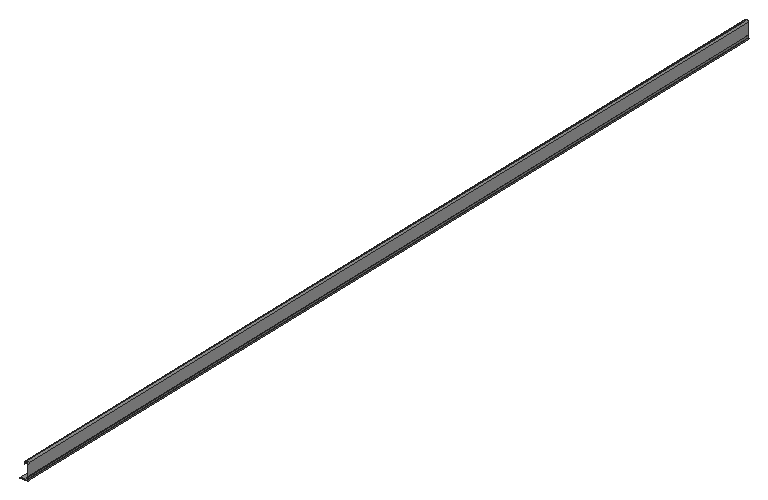
Revit family "Trennsteg -TSG 60 FS,DD,A2,A4,FT SO", category Generic Models, Revit 2017
Family settings
  Can host rebar = No
  Round Connector Dimension = Use Diameter
  Part Type = Normal
  Work Plane-Based = No
  Always vertical = Yes
  Cut with Voids When Loaded = No
  Shared = No
  Room Calculation Point = No
Parameters (values of type "TSG 60 A2")
  URL = "http://www.obo-bettermann.com"
  Material = Stainless steel, A2
  Manufacturer Art.No. = "6062084"
  Manufacturer = "OBO Bettermann"
  Length = 3000 mm
  Height = 56 mm
  GTIN = "4012195694557"
  Article Type = "TSG 60 A2"
Types (6, lengths in mm): name | Material | Manufacturer Art.No. | GTIN | Article Type
  (no name) | Stainless steel, A2 | "6062084" | "4012195694557" | "TSG 60 A2"
  TSG 60 FS | Strip-galvanised | "6062068" | "4012195694540" | "TSG 60 FS"
  TSG 60 DD | Strip galvanised zinc/aluminium, Double Dip | "6062327" | "4012195694687" | "TSG 60 DD"
  TSG 60 FT SO | Hot-dip galvanised 85 µm | "7190495" | "4012195943686" | "TSG 60 FT SO"
  TSG 60 A2 | Stainless steel, A2 | "6062084" | "4012195694557" | "TSG 60 A2"
  TSG 60 A4 | Stainless steel, A4 | "6062086" | "4012195694564" | "TSG 60 A4"
Reference planes
  plane 1 "Center (Front/Back)": y = 0
  plane 2: z = 0
  plane 3 "Center (Left/Right)": x = 0
  plane 4: z = 5.5
  plane 5: x = -3.69
  plane 6: z = 56.002
  plane 7: z = 41
  plane 8: x = -12
  plane 9: x = -0.016
  plane 10: x = -0.747
  plane 11: y = 3000
  plane 12: z = 10.002
  plane 13: y = 150
  plane 14: y = 75
  plane 15: x = -16.304
  plane 16: y = 75
  plane 17: x = -16.304
  plane 18: y = 225
  plane 19: y = 150
  plane 20: x = -16.304
  plane 21: y = 450
  plane 22: x = -16.304
  plane 23: y = 450
  plane 24: y = 225
  plane 25: x = -16.304
  plane 26: y = 75
  plane 27: x = -16.304
  plane 28: y = 375
  plane 29: x = -16.304
  plane 30: y = 450
  plane 31: x = -16.304
  plane 32: y = 525
  plane 33: x = -16.304
  plane 34: y = 675
  plane 35: x = -16.304
  plane 36: y = 750
  plane 37: x = -16.304
  plane 38: y = 825
  plane 39: x = -16.304
  plane 40: y = 975
  plane 41: x = -16.304
  plane 42: y = 1050
  plane 43: x = -16.304
  plane 44: y = 1125
  plane 45: x = -16.304
  plane 46: y = 1275
  plane 47: x = -16.304
  plane 48: y = 1350
  plane 49: x = -16.304
  plane 50: y = 1425
  plane 51: x = -16.304
  plane 52: y = 1575
  plane 53: x = -16.304
  plane 54: y = 1650
  plane 55: x = -16.304
  plane 56: y = 1725
  plane 57: x = -16.304
  plane 58: y = 1875
  plane 59: x = -16.304
  plane 60: y = 1950
  plane 61: x = -16.304
  plane 62: y = 2025
  plane 63: x = -16.304
  plane 64: y = 2175
  plane 65: x = -16.304
  plane 66: y = 2250
  plane 67: x = -16.304
  plane 68: y = 2325
  plane 69: x = -16.304
  plane 70: y = 2475
  plane 71: x = -16.304
  plane 72: y = 2550
  plane 73: x = -16.304
  plane 74: y = 2625
  plane 75: x = -16.304
  plane 76: y = 2775
  plane 77: x = -16.304
  plane 78: y = 2850
  plane 79: x = -16.304
  plane 80: y = 2925
  plane 81: x = -16.304
  plane 82: z = 43.29
  plane 83: z = 32
  plane 84: z = 41.095
  plane 85: z = 40.133
  plane 86: z = 56
  plane 87: z = 47.002
  plane 88: z = 47.002
  plane 89: z = 56.013
  plane 90: z = 55.183
  plane 91: z = 56.013
Forms (mm)
  Extrusion 1, solid, material "Stainless steel, A2" <- "Material"
    sketch origin (0, 0, 0) x (1, 0, 0) y (0, 0, 1)
      loop
        arc (-1.629, 0.802) -> (-0.836, 1.357) -> (-1.087, 2.291) r 0.843
        line (-1.087, 2.291) -> (-3.039, 3.929)
        arc (-3.039, 3.929) -> (-3.638, 4.966) -> (-3.43, 6.145) r 1.75
        line (-3.43, 6.145) -> (-1.028, 10.306)
        arc (-1.028, 10.306) -> (-0.858, 10.716) -> (-0.8, 11.156) r 1.7
        line (-0.8, 11.156) -> (-0.8, 49.999)
        arc (-0.8, 49.999) -> (-6.028, 55.227) -> (-11.256, 49.999) r 5.228
        line (-11.256, 49.999) -> (-11.256, 47.002) -> (-12.056, 47.002) -> (-12.056, 50.012)
        arc (-12.056, 50.012) -> (-6.056, 56.012) -> (-0.056, 50.012) r 6
        line (-0.056, 50.012) -> (-0.056, 10.871)
        arc (-0.056, 10.871) -> (-0.117, 10.405) -> (-0.297, 9.971) r 1.8
        line (-0.297, 9.971) -> (-2.737, 5.745)
        arc (-2.737, 5.745) -> (-2.85, 5.105) -> (-2.525, 4.542) r 0.95
        line (-2.525, 4.542) -> (-0.572, 2.904)
        arc (-0.572, 2.904) -> (-0.085, 1.083) -> (-1.629, 0.002) r 1.643
        line (-1.629, 0.002) -> (-26.304, 0.002) -> (-26.304, 0.8) -> (-1.557, 0.8)
    from -3000 to 0
  Extrusion 2, void
    sketch origin (0, 0, 0) x (1, 0, 0) y (0, 1, 0)
      loop
        arc (-19.804, 57.691) -> (-16.304, 54.191) -> (-12.804, 57.691) r 3.5
        line (-12.804, 57.691) -> (-12.804, 90.691)
        arc (-12.804, 90.691) -> (-16.304, 94.191) -> (-19.804, 90.691) r 3.5
        line (-19.804, 90.691) -> (-19.804, 57.691)
    from 0 to 0.8
  Extrusion 3, void
    sketch origin (0, 75, 0) x (1, 0, 0) y (0, 1, 0)
      loop
        arc (-19.804, 57.691) -> (-16.304, 54.191) -> (-12.804, 57.691) r 3.5
        line (-12.804, 57.691) -> (-12.804, 90.691)
        arc (-12.804, 90.691) -> (-16.304, 94.191) -> (-19.804, 90.691) r 3.5
        line (-19.804, 90.691) -> (-19.804, 57.691)
    from 0 to 0.8
  Extrusion 4, void
    sketch origin (0, 375, 0) x (1, 0, 0) y (0, 1, 0)
      loop
        arc (-19.804, 57.691) -> (-16.304, 54.191) -> (-12.804, 57.691) r 3.5
        line (-12.804, 57.691) -> (-12.804, 90.691)
        arc (-12.804, 90.691) -> (-16.304, 94.191) -> (-19.804, 90.691) r 3.5
        line (-19.804, 90.691) -> (-19.804, 57.691)
    from 0 to 0.8
  Extrusion 5, void
    sketch origin (0, 150, 0) x (1, 0, 0) y (0, 1, 0)
      loop
        arc (-19.804, 57.691) -> (-16.304, 54.191) -> (-12.804, 57.691) r 3.5
        line (-12.804, 57.691) -> (-12.804, 90.691)
        arc (-12.804, 90.691) -> (-16.304, 94.191) -> (-19.804, 90.691) r 3.5
        line (-19.804, 90.691) -> (-19.804, 57.691)
    from 0 to 0.8
  Extrusion 6, void, not visible
    sketch origin (0, 0, 0) x (1, 0, 0) y (0, 1, 0)
      loop
        arc (-19.804, 57.691) -> (-16.304, 54.191) -> (-12.804, 57.691) r 3.5
        line (-12.804, 57.691) -> (-12.804, 90.691)
        arc (-12.804, 90.691) -> (-16.304, 94.191) -> (-19.804, 90.691) r 3.5
        line (-19.804, 90.691) -> (-19.804, 57.691)
    from 0 to 0.8
  Extrusion 7, void
    sketch origin (0, 300, 0) x (1, 0, 0) y (0, 1, 0)
      loop
        arc (-19.804, 57.691) -> (-16.304, 54.191) -> (-12.804, 57.691) r 3.5
        line (-12.804, 57.691) -> (-12.804, 90.691)
        arc (-12.804, 90.691) -> (-16.304, 94.191) -> (-19.804, 90.691) r 3.5
        line (-19.804, 90.691) -> (-19.804, 57.691)
    from 0 to 0.8
  Extrusion 8, void
    sketch origin (0, 375, 0) x (1, 0, 0) y (0, 1, 0)
      loop
        arc (-19.804, 57.691) -> (-16.304, 54.191) -> (-12.804, 57.691) r 3.5
        line (-12.804, 57.691) -> (-12.804, 90.691)
        arc (-12.804, 90.691) -> (-16.304, 94.191) -> (-19.804, 90.691) r 3.5
        line (-19.804, 90.691) -> (-19.804, 57.691)
    from 0 to 0.8
  Extrusion 9, void
    sketch origin (0, 450, 0) x (1, 0, 0) y (0, 1, 0)
      loop
        arc (-19.804, 57.691) -> (-16.304, 54.191) -> (-12.804, 57.691) r 3.5
        line (-12.804, 57.691) -> (-12.804, 90.691)
        arc (-12.804, 90.691) -> (-16.304, 94.191) -> (-19.804, 90.691) r 3.5
        line (-19.804, 90.691) -> (-19.804, 57.691)
    from 0 to 0.8
  Extrusion 10, void
    sketch origin (0, 600, 0) x (1, 0, 0) y (0, 1, 0)
      loop
        arc (-19.804, 57.691) -> (-16.304, 54.191) -> (-12.804, 57.691) r 3.5
        line (-12.804, 57.691) -> (-12.804, 90.691)
        arc (-12.804, 90.691) -> (-16.304, 94.191) -> (-19.804, 90.691) r 3.5
        line (-19.804, 90.691) -> (-19.804, 57.691)
    from 0 to 0.8
  Extrusion 11, void
    sketch origin (0, 675, 0) x (1, 0, 0) y (0, 1, 0)
      loop
        arc (-19.804, 57.691) -> (-16.304, 54.191) -> (-12.804, 57.691) r 3.5
        line (-12.804, 57.691) -> (-12.804, 90.691)
        arc (-12.804, 90.691) -> (-16.304, 94.191) -> (-19.804, 90.691) r 3.5
        line (-19.804, 90.691) -> (-19.804, 57.691)
    from 0 to 0.8
  Extrusion 12, void
    sketch origin (0, 750, 0) x (1, 0, 0) y (0, 1, 0)
      loop
        arc (-19.804, 57.691) -> (-16.304, 54.191) -> (-12.804, 57.691) r 3.5
        line (-12.804, 57.691) -> (-12.804, 90.691)
        arc (-12.804, 90.691) -> (-16.304, 94.191) -> (-19.804, 90.691) r 3.5
        line (-19.804, 90.691) -> (-19.804, 57.691)
    from 0 to 0.8
  Extrusion 13, void
    sketch origin (0, 900, 0) x (1, 0, 0) y (0, 1, 0)
      loop
        arc (-19.804, 57.691) -> (-16.304, 54.191) -> (-12.804, 57.691) r 3.5
        line (-12.804, 57.691) -> (-12.804, 90.691)
        arc (-12.804, 90.691) -> (-16.304, 94.191) -> (-19.804, 90.691) r 3.5
        line (-19.804, 90.691) -> (-19.804, 57.691)
    from 0 to 0.8
  Extrusion 14, void
    sketch origin (0, 975, 0) x (1, 0, 0) y (0, 1, 0)
      loop
        arc (-19.804, 57.691) -> (-16.304, 54.191) -> (-12.804, 57.691) r 3.5
        line (-12.804, 57.691) -> (-12.804, 90.691)
        arc (-12.804, 90.691) -> (-16.304, 94.191) -> (-19.804, 90.691) r 3.5
        line (-19.804, 90.691) -> (-19.804, 57.691)
    from 0 to 0.8
  Extrusion 15, void
    sketch origin (0, 1050, 0) x (1, 0, 0) y (0, 1, 0)
      loop
        arc (-19.804, 57.691) -> (-16.304, 54.191) -> (-12.804, 57.691) r 3.5
        line (-12.804, 57.691) -> (-12.804, 90.691)
        arc (-12.804, 90.691) -> (-16.304, 94.191) -> (-19.804, 90.691) r 3.5
        line (-19.804, 90.691) -> (-19.804, 57.691)
    from 0 to 0.8
  Extrusion 16, void
    sketch origin (0, 1200, 0) x (1, 0, 0) y (0, 1, 0)
      loop
        arc (-19.804, 57.691) -> (-16.304, 54.191) -> (-12.804, 57.691) r 3.5
        line (-12.804, 57.691) -> (-12.804, 90.691)
        arc (-12.804, 90.691) -> (-16.304, 94.191) -> (-19.804, 90.691) r 3.5
        line (-19.804, 90.691) -> (-19.804, 57.691)
    from 0 to 0.8
  Extrusion 17, void
    sketch origin (0, 1275, 0) x (1, 0, 0) y (0, 1, 0)
      loop
        arc (-19.804, 57.691) -> (-16.304, 54.191) -> (-12.804, 57.691) r 3.5
        line (-12.804, 57.691) -> (-12.804, 90.691)
        arc (-12.804, 90.691) -> (-16.304, 94.191) -> (-19.804, 90.691) r 3.5
        line (-19.804, 90.691) -> (-19.804, 57.691)
    from 0 to 0.8
  Extrusion 18, void
    sketch origin (0, 1350, 0) x (1, 0, 0) y (0, 1, 0)
      loop
        arc (-19.804, 57.691) -> (-16.304, 54.191) -> (-12.804, 57.691) r 3.5
        line (-12.804, 57.691) -> (-12.804, 90.691)
        arc (-12.804, 90.691) -> (-16.304, 94.191) -> (-19.804, 90.691) r 3.5
        line (-19.804, 90.691) -> (-19.804, 57.691)
    from 0 to 0.8
  Extrusion 19, void
    sketch origin (0, 1500, 0) x (1, 0, 0) y (0, 1, 0)
      loop
        arc (-19.804, 57.691) -> (-16.304, 54.191) -> (-12.804, 57.691) r 3.5
        line (-12.804, 57.691) -> (-12.804, 90.691)
        arc (-12.804, 90.691) -> (-16.304, 94.191) -> (-19.804, 90.691) r 3.5
        line (-19.804, 90.691) -> (-19.804, 57.691)
    from 0 to 0.8
  Extrusion 20, void
    sketch origin (0, 1575, 0) x (1, 0, 0) y (0, 1, 0)
      loop
        arc (-19.804, 57.691) -> (-16.304, 54.191) -> (-12.804, 57.691) r 3.5
        line (-12.804, 57.691) -> (-12.804, 90.691)
        arc (-12.804, 90.691) -> (-16.304, 94.191) -> (-19.804, 90.691) r 3.5
        line (-19.804, 90.691) -> (-19.804, 57.691)
    from 0 to 0.8
  Extrusion 21, void
    sketch origin (0, 1650, 0) x (1, 0, 0) y (0, 1, 0)
      loop
        arc (-19.804, 57.691) -> (-16.304, 54.191) -> (-12.804, 57.691) r 3.5
        line (-12.804, 57.691) -> (-12.804, 90.691)
        arc (-12.804, 90.691) -> (-16.304, 94.191) -> (-19.804, 90.691) r 3.5
        line (-19.804, 90.691) -> (-19.804, 57.691)
    from 0 to 0.8
  Extrusion 22, void
    sketch origin (0, 1800, 0) x (1, 0, 0) y (0, 1, 0)
      loop
        arc (-19.804, 57.691) -> (-16.304, 54.191) -> (-12.804, 57.691) r 3.5
        line (-12.804, 57.691) -> (-12.804, 90.691)
        arc (-12.804, 90.691) -> (-16.304, 94.191) -> (-19.804, 90.691) r 3.5
        line (-19.804, 90.691) -> (-19.804, 57.691)
    from 0 to 0.8
  Extrusion 23, void
    sketch origin (0, 1875, 0) x (1, 0, 0) y (0, 1, 0)
      loop
        arc (-19.804, 57.691) -> (-16.304, 54.191) -> (-12.804, 57.691) r 3.5
        line (-12.804, 57.691) -> (-12.804, 90.691)
        arc (-12.804, 90.691) -> (-16.304, 94.191) -> (-19.804, 90.691) r 3.5
        line (-19.804, 90.691) -> (-19.804, 57.691)
    from 0 to 0.8
  Extrusion 24, void
    sketch origin (0, 1950, 0) x (1, 0, 0) y (0, 1, 0)
      loop
        arc (-19.804, 57.691) -> (-16.304, 54.191) -> (-12.804, 57.691) r 3.5
        line (-12.804, 57.691) -> (-12.804, 90.691)
        arc (-12.804, 90.691) -> (-16.304, 94.191) -> (-19.804, 90.691) r 3.5
        line (-19.804, 90.691) -> (-19.804, 57.691)
    from 0 to 0.8
  Extrusion 25, void
    sketch origin (0, 2100, 0) x (1, 0, 0) y (0, 1, 0)
      loop
        arc (-19.804, 57.691) -> (-16.304, 54.191) -> (-12.804, 57.691) r 3.5
        line (-12.804, 57.691) -> (-12.804, 90.691)
        arc (-12.804, 90.691) -> (-16.304, 94.191) -> (-19.804, 90.691) r 3.5
        line (-19.804, 90.691) -> (-19.804, 57.691)
    from 0 to 0.8
  Extrusion 26, void
    sketch origin (0, 2175, 0) x (1, 0, 0) y (0, 1, 0)
      loop
        arc (-19.804, 57.691) -> (-16.304, 54.191) -> (-12.804, 57.691) r 3.5
        line (-12.804, 57.691) -> (-12.804, 90.691)
        arc (-12.804, 90.691) -> (-16.304, 94.191) -> (-19.804, 90.691) r 3.5
        line (-19.804, 90.691) -> (-19.804, 57.691)
    from 0 to 0.8
  Extrusion 27, void
    sketch origin (0, 2250, 0) x (1, 0, 0) y (0, 1, 0)
      loop
        arc (-19.804, 57.691) -> (-16.304, 54.191) -> (-12.804, 57.691) r 3.5
        line (-12.804, 57.691) -> (-12.804, 90.691)
        arc (-12.804, 90.691) -> (-16.304, 94.191) -> (-19.804, 90.691) r 3.5
        line (-19.804, 90.691) -> (-19.804, 57.691)
    from 0 to 0.8
  Extrusion 28, void
    sketch origin (0, 2400, 0) x (1, 0, 0) y (0, 1, 0)
      loop
        arc (-19.804, 57.691) -> (-16.304, 54.191) -> (-12.804, 57.691) r 3.5
        line (-12.804, 57.691) -> (-12.804, 90.691)
        arc (-12.804, 90.691) -> (-16.304, 94.191) -> (-19.804, 90.691) r 3.5
        line (-19.804, 90.691) -> (-19.804, 57.691)
    from 0 to 0.8
  Extrusion 29, void
    sketch origin (0, 2475, 0) x (1, 0, 0) y (0, 1, 0)
      loop
        arc (-19.804, 57.691) -> (-16.304, 54.191) -> (-12.804, 57.691) r 3.5
        line (-12.804, 57.691) -> (-12.804, 90.691)
        arc (-12.804, 90.691) -> (-16.304, 94.191) -> (-19.804, 90.691) r 3.5
        line (-19.804, 90.691) -> (-19.804, 57.691)
    from 0 to 0.8
  Extrusion 30, void
    sketch origin (0, 2550, 0) x (1, 0, 0) y (0, 1, 0)
      loop
        arc (-19.804, 57.691) -> (-16.304, 54.191) -> (-12.804, 57.691) r 3.5
        line (-12.804, 57.691) -> (-12.804, 90.691)
        arc (-12.804, 90.691) -> (-16.304, 94.191) -> (-19.804, 90.691) r 3.5
        line (-19.804, 90.691) -> (-19.804, 57.691)
    from 0 to 0.8
  Extrusion 31, void
    sketch origin (0, 2700, 0) x (1, 0, 0) y (0, 1, 0)
      loop
        arc (-19.804, 57.691) -> (-16.304, 54.191) -> (-12.804, 57.691) r 3.5
        line (-12.804, 57.691) -> (-12.804, 90.691)
        arc (-12.804, 90.691) -> (-16.304, 94.191) -> (-19.804, 90.691) r 3.5
        line (-19.804, 90.691) -> (-19.804, 57.691)
    from 0 to 0.8
  Extrusion 32, void
    sketch origin (0, 2775, 0) x (1, 0, 0) y (0, 1, 0)
      loop
        arc (-19.804, 57.691) -> (-16.304, 54.191) -> (-12.804, 57.691) r 3.5
        line (-12.804, 57.691) -> (-12.804, 90.691)
        arc (-12.804, 90.691) -> (-16.304, 94.191) -> (-19.804, 90.691) r 3.5
        line (-19.804, 90.691) -> (-19.804, 57.691)
    from 0 to 0.8
  Extrusion 33, void
    sketch origin (0, 2850, 0) x (1, 0, 0) y (0, 1, 0)
      loop
        arc (-19.804, 57.691) -> (-16.304, 54.191) -> (-12.804, 57.691) r 3.5
        line (-12.804, 57.691) -> (-12.804, 90.691)
        arc (-12.804, 90.691) -> (-16.304, 94.191) -> (-19.804, 90.691) r 3.5
        line (-19.804, 90.691) -> (-19.804, 57.691)
    from 0 to 0.8
Cuts and joins
  Extrusion 2, Extrusion 3, Extrusion 4, Extrusion 5, Extrusion 7, Extrusion 8, Extrusion 9, Extrusion 10, Extrusion 11, Extrusion 12, Extrusion 13, Extrusion 14, Extrusion 15, Extrusion 16, Extrusion 17, Extrusion 18, Extrusion 19, Extrusion 20, Extrusion 21, Extrusion 22, Extrusion 23, Extrusion 24, Extrusion 25, Extrusion 26, Extrusion 27, Extrusion 28, Extrusion 29, Extrusion 30, Extrusion 31, Extrusion 32, Extrusion 33 cuts Extrusion 1
Dimensions and locks
  locked: plane 4 to level at 5.5
  plane 6 to level = 56.002 mm
  locked: plane 3 "Center (Left/Right)" to plane 8 at 12
  locked: Extrusion 1 sketch curve to Extrusion 1 sketch curve at 0.798
  "Length": Extrusion 1 to Extrusion 1
  locked: plane 3 "Center (Left/Right)" to Extrusion 1 at 26.304
  locked: Extrusion 1 to plane 12 at 10
  locked: Extrusion 1 to plane 13 at 150
  locked: Extrusion 1 to plane 14 at 75
  locked: Extrusion 1 to plane 15 at 10
  locked: Extrusion 2 sketch curve to Extrusion 2 sketch curve at 33
  locked: Extrusion 2 sketch curve to Extrusion 2 sketch curve at 7
  plane 18 to plane 13 = 75 mm
  locked: Extrusion 3 sketch curve to Extrusion 3 sketch curve at 33
  locked: Extrusion 3 sketch curve to Extrusion 3 sketch curve at 7
  equal spacing: group 1, group 2, group 4  (x3)
  locked: Extrusion 4 sketch curve to Extrusion 4 sketch curve at 33
  locked: Extrusion 4 sketch curve to Extrusion 4 sketch curve at 7
  group 2 to group 3 = 0 mm  (x2)
  group 2 to group 3 = 300 mm
  locked: Extrusion 5 sketch curve to Extrusion 5 sketch curve at 33
  locked: Extrusion 5 sketch curve to Extrusion 5 sketch curve at 7
  locked: Extrusion 6 sketch curve to Extrusion 6 sketch curve at 33
  locked: Extrusion 6 sketch curve to Extrusion 6 sketch curve at 7
  locked: Extrusion 7 sketch curve to Extrusion 7 sketch curve at 33
  locked: Extrusion 7 sketch curve to Extrusion 7 sketch curve at 7
  locked: Extrusion 8 sketch curve to Extrusion 8 sketch curve at 33
  locked: Extrusion 8 sketch curve to Extrusion 8 sketch curve at 7
  equal spacing: group 7, group 8, group 9  (x3)
  locked: Extrusion 9 sketch curve to Extrusion 9 sketch curve at 33
  locked: Extrusion 9 sketch curve to Extrusion 9 sketch curve at 7
  equal spacing: group 5, group 10, group 14, group 18, group 22, group 26, group 30, group 34, group 38, group 42  (x3)
  locked: Extrusion 10 sketch curve to Extrusion 10 sketch curve at 33
  locked: Extrusion 10 sketch curve to Extrusion 10 sketch curve at 7
  locked: Extrusion 11 sketch curve to Extrusion 11 sketch curve at 33
  locked: Extrusion 11 sketch curve to Extrusion 11 sketch curve at 7
  equal spacing: group 11, group 12, group 13  (x3)
  locked: Extrusion 12 sketch curve to Extrusion 12 sketch curve at 33
  locked: Extrusion 12 sketch curve to Extrusion 12 sketch curve at 7
  locked: Extrusion 13 sketch curve to Extrusion 13 sketch curve at 33
  locked: Extrusion 13 sketch curve to Extrusion 13 sketch curve at 7
  locked: Extrusion 14 sketch curve to Extrusion 14 sketch curve at 33
  locked: Extrusion 14 sketch curve to Extrusion 14 sketch curve at 7
  equal spacing: group 15, group 16, group 17  (x3)
  locked: Extrusion 15 sketch curve to Extrusion 15 sketch curve at 33
  locked: Extrusion 15 sketch curve to Extrusion 15 sketch curve at 7
  locked: Extrusion 16 sketch curve to Extrusion 16 sketch curve at 33
  locked: Extrusion 16 sketch curve to Extrusion 16 sketch curve at 7
  locked: Extrusion 17 sketch curve to Extrusion 17 sketch curve at 33
  locked: Extrusion 17 sketch curve to Extrusion 17 sketch curve at 7
  equal spacing: group 19, group 20, group 21  (x3)
  locked: Extrusion 18 sketch curve to Extrusion 18 sketch curve at 33
  locked: Extrusion 18 sketch curve to Extrusion 18 sketch curve at 7
  locked: Extrusion 19 sketch curve to Extrusion 19 sketch curve at 33
  locked: Extrusion 19 sketch curve to Extrusion 19 sketch curve at 7
  locked: Extrusion 20 sketch curve to Extrusion 20 sketch curve at 33
  locked: Extrusion 20 sketch curve to Extrusion 20 sketch curve at 7
  equal spacing: group 23, group 24, group 25  (x3)
  locked: Extrusion 21 sketch curve to Extrusion 21 sketch curve at 33
  locked: Extrusion 21 sketch curve to Extrusion 21 sketch curve at 7
  locked: Extrusion 22 sketch curve to Extrusion 22 sketch curve at 33
  locked: Extrusion 22 sketch curve to Extrusion 22 sketch curve at 7
  locked: Extrusion 23 sketch curve to Extrusion 23 sketch curve at 33
  locked: Extrusion 23 sketch curve to Extrusion 23 sketch curve at 7
  equal spacing: group 27, group 28, group 29  (x3)
  locked: Extrusion 24 sketch curve to Extrusion 24 sketch curve at 33
  locked: Extrusion 24 sketch curve to Extrusion 24 sketch curve at 7
  locked: Extrusion 25 sketch curve to Extrusion 25 sketch curve at 33
  locked: Extrusion 25 sketch curve to Extrusion 25 sketch curve at 7
  locked: Extrusion 26 sketch curve to Extrusion 26 sketch curve at 33
  locked: Extrusion 26 sketch curve to Extrusion 26 sketch curve at 7
  equal spacing: group 31, group 32, group 33  (x3)
  locked: Extrusion 27 sketch curve to Extrusion 27 sketch curve at 33
  locked: Extrusion 27 sketch curve to Extrusion 27 sketch curve at 7
  locked: Extrusion 28 sketch curve to Extrusion 28 sketch curve at 33
  locked: Extrusion 28 sketch curve to Extrusion 28 sketch curve at 7
  locked: Extrusion 29 sketch curve to Extrusion 29 sketch curve at 33
  locked: Extrusion 29 sketch curve to Extrusion 29 sketch curve at 7
  equal spacing: group 35, group 36, group 37  (x3)
  locked: Extrusion 30 sketch curve to Extrusion 30 sketch curve at 33
  locked: Extrusion 30 sketch curve to Extrusion 30 sketch curve at 7
  locked: Extrusion 31 sketch curve to Extrusion 31 sketch curve at 33
  locked: Extrusion 31 sketch curve to Extrusion 31 sketch curve at 7
  locked: Extrusion 32 sketch curve to Extrusion 32 sketch curve at 33
  locked: Extrusion 32 sketch curve to Extrusion 32 sketch curve at 7
  equal spacing: group 39, group 40, group 41  (x3)
  locked: Extrusion 33 sketch curve to Extrusion 33 sketch curve at 33
  locked: Extrusion 33 sketch curve to Extrusion 33 sketch curve at 7
  locked: plane 7 to level at 41
  locked: plane 7 to plane 83 at 9
  locked: plane 10 to plane 3 "Center (Left/Right)" at 0.747
  "Height": plane 86 to level
  locked: plane 6 to plane 87 at 9
  locked: Extrusion 1 sketch curve to Extrusion 1 sketch curve at 12
  locked: plane 86 to plane 88 at 8.998
  locked: cut or joined group 1 (Extrusion 1, Extrusion 2, Extrusion 3, Extrusion 4, Extrusion 5, Extrusion 7, Extrusion 8, Extrusion 9, Extrusion 10, Extrusion 11, Extrusion 12, Extrusion 13, Extrusion 14, Extrusion 15, Extrusion 16, Extrusion 17, Extrusion 18, Extrusion 19, Extrusion 20, Extrusion 21, Extrusion 22, Extrusion 23, Extrusion 24, Extrusion 25, Extrusion 26, Extrusion 27, Extrusion 28, Extrusion 29, Extrusion 30, Extrusion 31, Extrusion 32, Extrusion 33) to cut or joined group 1 at 0.8  (x5)
  locked: cut or joined group 1 to cut or joined group 1 at 0.798
  locked: plane 89 to cut or joined group 1 at 0.786
  locked: plane 86 to cut or joined group 1 at 44.844
  locked: plane 86 to cut or joined group 1 at 0.801
  locked: plane 89 to cut or joined group 1 at 55.213
  aligned and locked: level to plane 2
  aligned and locked: plane 1 "Center (Front/Back)" to Extrusion 1
  aligned and locked: plane 11 to Extrusion 1
  aligned and locked: plane 17 to plane 15
  aligned and locked: Extrusion 2 to level
  aligned and locked: plane 88 to Extrusion 1
  aligned and locked: plane 91 to plane 89
Automatic sketch dimensions
  Extrusion 2 sketch curve to plane 17 = 0 mm
  Extrusion 2 sketch curve to plane 16 = 17.309 mm
  Extrusion 3 sketch curve to plane 20 = 0 mm
  Extrusion 3 sketch curve to plane 19 = 17.309 mm
  Extrusion 4 sketch curve to plane 22 = 0 mm
  Extrusion 4 sketch curve to plane 21 = 17.309 mm
  Extrusion 5 sketch curve to plane 25 = 0 mm
  Extrusion 5 sketch curve to plane 24 = 17.309 mm
  Extrusion 6 sketch curve to plane 27 = 0 mm
  Extrusion 6 sketch curve to plane 26 = 17.309 mm
  Extrusion 7 sketch curve to plane 29 = 0 mm
  Extrusion 7 sketch curve to plane 28 = 17.309 mm
  Extrusion 8 sketch curve to plane 31 = 0 mm
  Extrusion 8 sketch curve to plane 30 = 17.309 mm
  Extrusion 9 sketch curve to plane 33 = 0 mm
  Extrusion 9 sketch curve to plane 32 = 17.309 mm
  Extrusion 10 sketch curve to plane 35 = 0 mm
  Extrusion 10 sketch curve to plane 34 = 17.309 mm
  Extrusion 11 sketch curve to plane 37 = 0 mm
  Extrusion 11 sketch curve to plane 36 = 17.309 mm
  Extrusion 12 sketch curve to plane 39 = 0 mm
  Extrusion 12 sketch curve to plane 38 = 17.309 mm
  Extrusion 13 sketch curve to plane 41 = 0 mm
  Extrusion 13 sketch curve to plane 40 = 17.309 mm
  Extrusion 14 sketch curve to plane 43 = 0 mm
  Extrusion 14 sketch curve to plane 42 = 17.309 mm
  Extrusion 15 sketch curve to plane 45 = 0 mm
  Extrusion 15 sketch curve to plane 44 = 17.309 mm
  Extrusion 16 sketch curve to plane 47 = 0 mm
  Extrusion 16 sketch curve to plane 46 = 17.309 mm
  Extrusion 17 sketch curve to plane 49 = 0 mm
  Extrusion 17 sketch curve to plane 48 = 17.309 mm
  Extrusion 18 sketch curve to plane 51 = 0 mm
  Extrusion 18 sketch curve to plane 50 = 17.309 mm
  Extrusion 19 sketch curve to plane 53 = 0 mm
  Extrusion 19 sketch curve to plane 52 = 17.309 mm
  Extrusion 20 sketch curve to plane 55 = 0 mm
  Extrusion 20 sketch curve to plane 54 = 17.309 mm
  Extrusion 21 sketch curve to plane 57 = 0 mm
  Extrusion 21 sketch curve to plane 56 = 17.309 mm
  Extrusion 22 sketch curve to plane 59 = 0 mm
  Extrusion 22 sketch curve to plane 58 = 17.309 mm
  Extrusion 23 sketch curve to plane 61 = 0 mm
  Extrusion 23 sketch curve to plane 60 = 17.309 mm
  Extrusion 24 sketch curve to plane 63 = 0 mm
  Extrusion 24 sketch curve to plane 62 = 17.309 mm
  Extrusion 25 sketch curve to plane 65 = 0 mm
  Extrusion 25 sketch curve to plane 64 = 17.309 mm
  Extrusion 26 sketch curve to plane 67 = 0 mm
  Extrusion 26 sketch curve to plane 66 = 17.309 mm
  Extrusion 27 sketch curve to plane 69 = 0 mm
  Extrusion 27 sketch curve to plane 68 = 17.309 mm
  Extrusion 28 sketch curve to plane 71 = 0 mm
  Extrusion 28 sketch curve to plane 70 = 17.309 mm
  Extrusion 29 sketch curve to plane 73 = 0 mm
  Extrusion 29 sketch curve to plane 72 = 17.309 mm
  Extrusion 30 sketch curve to plane 75 = 0 mm
  Extrusion 30 sketch curve to plane 74 = 17.309 mm
  Extrusion 31 sketch curve to plane 77 = 0 mm
  Extrusion 31 sketch curve to plane 76 = 17.309 mm
  Extrusion 32 sketch curve to plane 79 = 0 mm
  Extrusion 32 sketch curve to plane 78 = 17.309 mm
  Extrusion 33 sketch curve to plane 81 = 0 mm
  Extrusion 33 sketch curve to plane 80 = 17.309 mm
  Extrusion 1 sketch curve to Extrusion 1 sketch curve = 0 mm  (x5)
  Extrusion 1 sketch curve to Extrusion 1 sketch curve = 0.028 mm
  Extrusion 1 sketch curve to Extrusion 1 sketch curve = 0.014 mm  (x2)
  Extrusion 1 sketch curve to plane 8 = 0.056 mm
  Extrusion 1 sketch curve to plane 87 = 0 mm
  level to Extrusion 1 sketch curve = 0.8 mm
  plane 8 to Extrusion 1 sketch curve = 0.744 mm
  plane 5 to Extrusion 1 sketch curve = 0.26 mm
  plane 5 to Extrusion 1 sketch curve = 0.651 mm
  plane 4 to Extrusion 1 sketch curve = 0.245 mm
  Extrusion 1 sketch curve to Extrusion 1 sketch curve = 0.693 mm
  Extrusion 1 sketch curve to Extrusion 1 sketch curve = 0.514 mm
  Extrusion 1 sketch curve to plane 4 = 0.23 mm
  plane 12 to Extrusion 1 sketch curve = 0.304 mm
  Extrusion 1 sketch curve to Extrusion 1 sketch curve = 0.731 mm
  plane 10 to Extrusion 1 sketch curve = 0.339 mm
  Extrusion 1 sketch curve to plane 10 = 0.175 mm
  Extrusion 1 sketch curve to Extrusion 1 sketch curve = 0.613 mm
  plane 87 to Extrusion 1 sketch curve = 2.997 mm
  Extrusion 1 sketch curve to Extrusion 1 sketch curve = 0.072 mm
  Extrusion 1 sketch curve to plane 15 = 10 mm
